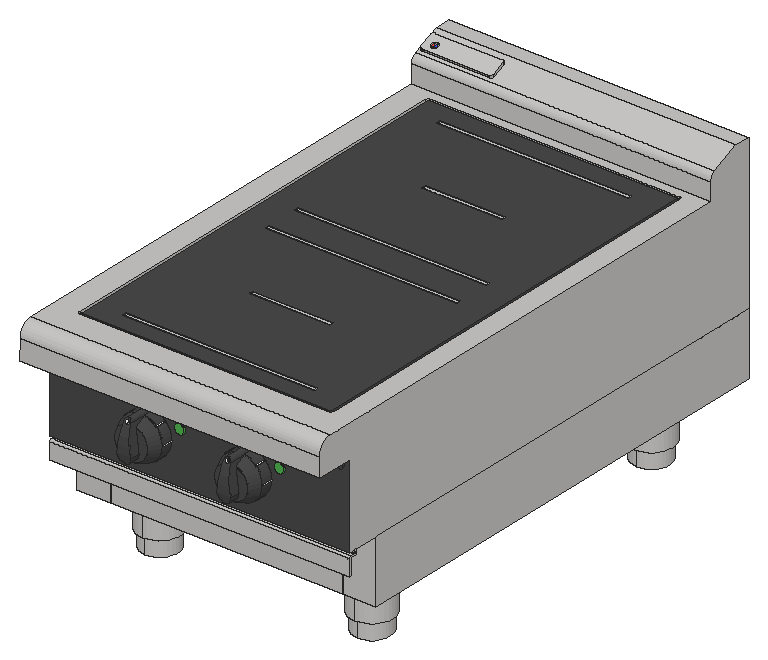
Revit family "QF_Moffat_INLB8200R3-B_Induction_Cooktop_cat", category Specialty Equipment, Revit 2019
Family settings
  Round Connector Dimension = Use Diameter
  Part Type = Normal
  Work Plane-Based = No
  Always vertical = Yes
  Cut with Voids When Loaded = No
  Shared = No
  Room Calculation Point = No
Parameters (values of type "INLB8200R3-B_415/60/3")
  Weight in Kilograms = 88
  Watts = 7000 W
  Volts = 415 V
  URL Cutsheet = ""
  Specification by User = ""
  Specification by Manufacturer = ""
  Show Logo [instance] = yes
  Serial Number = ""
  Seismic Rating = ""
  SMACNA No = ""
  Revision Code = ""
  Phase = 3
  Number of Poles = 1
  NAFEM Spec ID Number = ""
  Model = "INLB8200R3-B"
  Min Ckt Ampacity = 0 A
  Max Overcurrent Protection = 0 A
  Masterspec = ""
  Manufacturer = "Moffat"
  Length = 450 mm
  Item Number = ""
  Installed By = ""
  Identify Quantity as Lot = yes
  Height = 410 mm
  HP = ""
  Furnished By = ""
  Foodservice Equipment Identifier = yes
  FL Amps = 10 A
  Electrical Remarks = ""
  Electric Connection Type = ""
  Elec Conn RI Height = 0 mm
  Elec Conn Connection Height = 0 mm
  Description = "Induction Cooktop"
  Depth = 805 mm
  Cycle = 60 Hz
  Conn Plug = ""
  Conn Conduit = yes
  CSI MasterFormat = ""
  Apparent Power = if(Phase = 3, Volts * FL Amps * 1.73, Volts * FL Amps)  # 7179.5 VA
Types (2, lengths in mm): name | Volts | Cycle | Apparent Power
  INLB8200R3-B_415/60/3 | 415 V | 60 Hz | 7179.5 VA
  INLB8200R3-B_400/50/3 | 400 V | 50 Hz | 6920 VA
Reference planes
  plane 1 "BACK": y = 0
  plane 2: z = 0
  plane 3 "LEFT": x = 0
  plane 4 "RIGHT": x = 450
  plane 5 "FRONT": y = -805
  plane 6 "TOP": z = 410
  plane 7 "Center Y": x = 225
  plane 8 "Center X": y = -402.5
  plane 9: x = 65.5
  plane 10: x = 384.5
  plane 11: y = -30
  plane 12: x = 320
  plane 13: z = 85
  plane 14: y = -100
  plane 15: y = -625
  plane 16: y = -70
  plane 17: z = 355
  plane 18: z = 75
Forms (mm)
  Extrusion 1, solid, material "QF_Metal_Stainless_Polished"
    sketch origin (0, 0, 0) x (0, 1, 0) y (0, 0, 1)
      loop
        line (0, 180) -> (0, 410) -> (-23.147, 410) -> (-62.316, 393.374)
        arc (-62.316, 393.374) -> (-67.905, 388.725) -> (-70, 381.764) r 12.612
        line (-70, 381.764) -> (-70, 355) -> (-784.417, 355)
        arc (-784.417, 355) -> (-798.971, 348.971) -> (-805, 334.417) r 20.583
        line (-805, 334.417) -> (-805, 305) -> (-749, 305) -> (-749, 180) -> (0, 180)
    from 0 to 450
  Extrusion 2, void
    sketch origin (0, -784.417, 355) x (0, 1, 0) y (-1, 0, 0)
      loop
        arc (699.588, -42.349) -> (697.83, -38.106) -> (693.588, -36.349) r 6
        line (693.588, -36.349) -> (45.492, -36.349)
        arc (45.492, -36.349) -> (41.249, -38.106) -> (39.492, -42.349) r 6
        line (39.492, -42.349) -> (39.492, -413.677)
        arc (39.492, -413.677) -> (41.249, -417.92) -> (45.492, -419.677) r 6
        line (45.492, -419.677) -> (693.588, -419.677)
        arc (693.588, -419.677) -> (697.83, -417.92) -> (699.588, -413.677) r 6
        line (699.588, -413.677) -> (699.588, -42.349)
    from 0 to -9.5
  Extrusion 3, solid, material "QF_Plastic_Black_Smooth"
    sketch origin (0, -784.417, 355) x (0, 1, 0) y (-1, 0, 0)
      loop
        line (695.588, -413.677) -> (695.588, -42.349)
        arc (695.588, -42.349) -> (695.002, -40.935) -> (693.588, -40.349) r 2
        line (693.588, -40.349) -> (45.492, -40.349)
        arc (45.492, -40.349) -> (44.078, -40.935) -> (43.492, -42.349) r 2
        line (43.492, -42.349) -> (43.492, -413.677)
        arc (43.492, -413.677) -> (44.078, -415.091) -> (45.492, -415.677) r 2
        line (45.492, -415.677) -> (693.588, -415.677)
        arc (693.588, -415.677) -> (695.002, -415.091) -> (695.588, -413.677) r 2
      loop
        line (666.191, -368.576) -> (666.191, -81.424) -> (660.191, -81.424) -> (660.191, -368.576) -> (666.191, -368.576)
      loop
        line (528.085, -165) -> (528.085, -285) -> (534.085, -285) -> (534.085, -165) -> (528.085, -165)
      loop
        line (76.585, -368.576) -> (76.585, -81.424) -> (70.585, -81.424) -> (70.585, -368.576) -> (76.585, -368.576)
      loop
        line (204.401, -165) -> (204.401, -285) -> (210.401, -285) -> (210.401, -165) -> (204.401, -165)
      loop
        line (399.085, -368.576) -> (399.085, -81.424) -> (393.085, -81.424) -> (393.085, -368.576) -> (399.085, -368.576)
      loop
        line (344.085, -368.576) -> (344.085, -81.424) -> (338.085, -81.424) -> (338.085, -368.576) -> (344.085, -368.576)
    from 0 to -9.5
  Extrusion 4, solid, material "QF_Metal_Stainless_Polished"
    sketch origin (0, 0, 40) x (0, 1, 0) y (0, 0, 1)
      loop
        line (-739.467, 140) -> (-738.192, 134.838)
        arc (-738.192, 134.838) -> (-738.307, 134.302) -> (-738.799, 134.063) r 0.625
        line (-738.799, 134.063) -> (-746.111, 134.063)
        arc (-746.111, 134.063) -> (-748.011, 133.276) -> (-748.797, 131.377) r 2.686
        line (-748.797, 131.377) -> (-748.797, 107.627) -> (-747.197, 107.627) -> (-747.197, 131.242)
        arc (-747.197, 131.242) -> (-746.84, 132.105) -> (-745.976, 132.463) r 1.221
        line (-745.976, 132.463) -> (-738.755, 132.463)
        arc (-738.755, 132.463) -> (-737.028, 133.304) -> (-736.625, 135.182) r 2.194
        line (-736.625, 135.182) -> (-737.815, 140) -> (-739.467, 140)
    from 0 to 450
  Extrusion 5, solid, material "QF_Plastic_Black_Smooth"
    sketch origin (0, -749, 181.875) x (0, 0, 1) y (-1, 0, 0)
      loop
        circle (112.843, -13.157) r 5
      loop
        circle (112.843, -436.843) r 5
    from 0 to 1.6
  Extrusion 6, solid, material "QF_Metal_Stainless_Polished"
    sketch origin (0, -699, 85) x (0, 1, 0) y (1, 0, 0)
      loop
        circle (669, 320) r 6.35
    from 0 to 10
  Extrusion 7, solid, material "QF_Metal_Stainless_Polished"
    sketch origin (0, -699, 85) x (1, 0, 0) y (0, -1, 0)
      loop
        line (0, -699) -> (450, -699) -> (450, 0) -> (399.2, 0) -> (399.2, -25.4) -> (50.8, -25.4) -> (50.8, 0) -> (0, 0) -> (0, -699)
    from 0 to -95
  Extrusion 8, solid, material "QF_Metal_Stainless_Polished"
    sketch origin (50.8, -30, 85) x (0, 1, 0) y (0, 0, 1)
      loop
        line (-669, 0) -> (-643.6, 0) -> (-643.6, 26.45) -> (-669, 26.45) -> (-669, 0)
      loop
        line (-669, 32.45) -> (-643.6, 32.45) -> (-643.6, 66.4) -> (-669, 66.4) -> (-669, 32.45)
      loop
        line (-669, 67.4) -> (-643.6, 67.4) -> (-643.6, 95) -> (-669, 95) -> (-669, 67.4)
    from 0 to 348.4
  Revolve 9, solid, material "QF_Metal_Stainless_Polished"
    sketch origin (65.5, -4572, -304.8) x (0, 0, -1) y (0, -1, 0)
      loop
        line (-304.8, -4499.5) -> (-304.8, -4472) -> (-389.8, -4472) -> (-389.8, -4503.75) -> (-329.8, -4503.75) -> (-329.8, -4499.5) -> (-304.8, -4499.5)
      axis (-389.8, -4472) -> (-304.8, -4472)
    angle from 0 to 360
  Revolve 10, solid, material "QF_Metal_Stainless_Polished"
    sketch origin (65.5, -4572, -304.8) x (0, 0, -1) y (0, -1, 0)
      loop
        line (-304.8, -3974.5) -> (-304.8, -3947) -> (-389.8, -3947) -> (-389.8, -3978.75) -> (-329.8, -3978.75) -> (-329.8, -3974.5) -> (-304.8, -3974.5)
      axis (-389.8, -3947) -> (-304.8, -3947)
    angle from 0 to 360
  Revolve 11, solid, material "QF_Metal_Stainless_Polished"
    sketch origin (384.5, -4572, -304.8) x (0, 0, -1) y (0, 1, 0)
      loop
        line (-304.8, 4499.5) -> (-329.8, 4499.5) -> (-329.8, 4503.75) -> (-389.8, 4503.75) -> (-389.8, 4472) -> (-304.8, 4472) -> (-304.8, 4499.5)
      axis (-389.8, 4472) -> (-304.8, 4472)
    angle from 0 to 360
  Revolve 12, solid, material "QF_Metal_Stainless_Polished"
    sketch origin (384.5, -4572, -304.8) x (0, 0, -1) y (0, 1, 0)
      loop
        line (-304.8, 3974.5) -> (-329.8, 3974.5) -> (-329.8, 3978.75) -> (-389.8, 3978.75) -> (-389.8, 3947) -> (-304.8, 3947) -> (-304.8, 3974.5)
      axis (-389.8, 3947) -> (-304.8, 3947)
    angle from 0 to 360
  Extrusion 13, solid, material "QF_Metal_Stainless_Polished"
    sketch origin (0, 0, 0) x (1, 0, 0) y (0, 1, 0)
      loop
        line (368.576, -124.226) -> (368.576, -118.226) -> (81.424, -118.226) -> (81.424, -124.226) -> (368.576, -124.226)
      loop
        line (285, -256.332) -> (285, -250.332) -> (165, -250.332) -> (165, -256.332) -> (285, -256.332)
      loop
        line (165, -574.016) -> (165, -580.016) -> (285, -580.016) -> (285, -574.016) -> (165, -574.016)
      loop
        line (81.424, -707.833) -> (81.424, -713.833) -> (368.576, -713.833) -> (368.576, -707.833) -> (81.424, -707.833)
      loop
        line (368.576, -391.333) -> (368.576, -385.333) -> (81.424, -385.333) -> (81.424, -391.333) -> (368.576, -391.333)
      loop
        line (368.576, -446.333) -> (368.576, -440.333) -> (81.424, -440.333) -> (81.424, -446.333) -> (368.576, -446.333)
    from 355 to 345.5
  Extrusion 14, solid, material "QF_Paint_Green"
    sketch origin (63.231, -748.999, 157.5) x (0, 0, 1) y (-1, 0, 0)
      loop
        circle (100.3, -282.5) r 7.15
    from 0 to 1.6
  Extrusion 15, solid, material "QF_Plastic_Black_Smooth"
    sketch origin (75, -748.999, 169.375) x (0, 0, 1) y (-1, 0, 0)
      loop
        circle (112.843, -225) r 5
    from 0 to 1.6
  Extrusion 16, solid, material "QF_Paint_Green"
    sketch origin (-86.769, -748.999, 157.5) x (0, 0, 1) y (-1, 0, 0)
      loop
        circle (100.3, -282.5) r 7.15
    from 0 to 1.6
  Extrusion 17, solid, material "QF_Plastic_Black_Smooth"
    sketch origin (-75, -748.999, 169.375) x (0, 0, 1) y (-1, 0, 0)
      loop
        circle (112.843, -225) r 5
    from 0 to 1.6
Cuts and joins
  Extrusion 2 cuts Extrusion 1
Lines and regions (mm)
  symbolic lines
    curve 1: line (0, 0, 0) -> (450, 0, 0)
    curve 2: line (0, -805, 0) -> (0, 0, 0)
    curve 3: line (450, -805, 0) -> (0, -805, 0)
    curve 4: line (450, 0, 0) -> (450, -805, 0)
    curve 5: line (0, -70, 0) -> (450, -70, 0)
    curve 6: line (0, -23.147, 0) -> (450, -23.147, 0)
    curve 7: line (42.349, -84.83, 0) -> (413.677, -84.83, 0)
    curve 8: arc (413.677, -84.83, 0) -> (417.92, -86.587, 0) -> (419.677, -90.83, 0) r 6
    curve 9: line (419.677, -90.83, 0) -> (419.677, -738.926, 0)
    curve 10: arc (419.677, -738.926, 0) -> (417.92, -743.168, 0) -> (413.677, -744.926, 0) r 6
    curve 11: line (413.677, -744.926, 0) -> (42.349, -744.926, 0)
    curve 12: arc (42.349, -744.926, 0) -> (38.106, -743.168, 0) -> (36.349, -738.926, 0) r 6
    curve 13: line (36.349, -738.926, 0) -> (36.349, -90.83, 0)
    curve 14: arc (36.349, -90.83, 0) -> (38.106, -86.587, 0) -> (42.349, -84.83, 0) r 6
    curve 15: line (413.677, -88.83, 0) -> (42.349, -88.83, 0)
    curve 16: arc (42.349, -88.83, 0) -> (40.935, -89.415, 0) -> (40.349, -90.83, 0) r 2
    curve 17: line (40.349, -90.83, 0) -> (40.349, -738.926, 0)
    curve 18: arc (40.349, -738.926, 0) -> (40.935, -740.34, 0) -> (42.349, -740.926, 0) r 2
    curve 19: line (42.349, -740.926, 0) -> (413.677, -740.926, 0)
    curve 20: arc (413.677, -740.926, 0) -> (415.091, -740.34, 0) -> (415.677, -738.926, 0) r 2
    curve 21: line (415.677, -738.926, 0) -> (415.677, -90.83, 0)
    curve 22: arc (415.677, -90.83, 0) -> (415.091, -89.415, 0) -> (413.677, -88.83, 0) r 2
    curve 23: line (81.424, -713.833, 0) -> (368.576, -713.833, 0)
    curve 24: line (368.576, -713.833, 0) -> (368.576, -707.833, 0)
    curve 25: line (368.576, -707.833, 0) -> (81.424, -707.833, 0)
    curve 26: line (81.424, -707.833, 0) -> (81.424, -713.833, 0)
    curve 27: line (165, -574.016, 0) -> (285, -574.016, 0)
    curve 28: line (165, -580.016, 0) -> (165, -574.016, 0)
    curve 29: line (285, -574.016, 0) -> (285, -580.016, 0)
    curve 30: line (81.424, -124.226, 0) -> (368.576, -124.226, 0)
    curve 31: line (368.576, -124.226, 0) -> (368.576, -118.226, 0)
    curve 32: line (368.576, -118.226, 0) -> (81.424, -118.226, 0)
    curve 33: line (81.424, -118.226, 0) -> (81.424, -124.226, 0)
    curve 34: line (165, -256.332, 0) -> (285, -256.332, 0)
    curve 35: line (285, -256.332, 0) -> (285, -250.332, 0)
    curve 36: line (285, -250.332, 0) -> (165, -250.332, 0)
    curve 37: line (165, -250.332, 0) -> (165, -256.332, 0)
    curve 38: line (368.576, -385.333, 0) -> (81.424, -385.333, 0)
    curve 39: line (81.424, -385.333, 0) -> (81.424, -391.333, 0)
    curve 40: line (81.424, -391.333, 0) -> (368.576, -391.333, 0)
    curve 41: line (368.576, -391.333, 0) -> (368.576, -385.333, 0)
    curve 42: line (81.424, -446.333, 0) -> (368.576, -446.333, 0)
    curve 43: line (368.576, -446.333, 0) -> (368.576, -440.333, 0)
    curve 44: line (368.576, -440.333, 0) -> (81.424, -440.333, 0)
    curve 45: line (81.424, -440.333, 0) -> (81.424, -446.333, 0)
    curve 46: line (285, -574.016, 0) -> (165, -574.016, 0)
    curve 47: line (165, -574.016, 0) -> (165, -580.016, 0)
    curve 48: line (165, -580.016, 0) -> (285, -580.016, 0)
    curve 49: line (285, -580.016, 0) -> (285, -574.016, 0)
Dimensions and locks
  equal spacing: plane 3 "LEFT", plane 7 "Center Y", plane 4 "RIGHT"
  "Length": plane 3 "LEFT" to plane 4 "RIGHT"
  equal spacing: plane 5 "FRONT", plane 8 "Center X", plane 1 "BACK"
  "Depth": plane 5 "FRONT" to plane 1 "BACK"
  "Height": plane 6 "TOP" to level
  plane 9 to plane 10 = 319 mm
  plane 4 "RIGHT" to plane 3 "LEFT" = 450 mm
  plane 1 "BACK" to plane 5 "FRONT" = 805 mm
  plane 6 "TOP" to plane 2 = 410 mm
  locked: plane 12 to plane 4 "RIGHT" at 130
  plane 1 "BACK" to plane 11 = 30 mm
  plane 1 "BACK" to plane 14 to plane 15 = 100 mm, 525 mm
  plane 1 "BACK" to plane 16 = 70 mm
  plane 17 to level = 355 mm
  level to plane 13 = 85 mm
  plane 18 to level = 75 mm
  plane 12 to plane 4 "RIGHT" = 130 mm
  aligned and locked: level to plane 2
  aligned and locked: Extrusion 3 to Extrusion 13
Automatic sketch dimensions
  Extrusion 2 sketch curve to Extrusion 1 = 39.492 mm
  Extrusion 2 sketch curve to Extrusion 2 sketch curve = 6 mm  (x3)
  Extrusion 1 to Extrusion 2 sketch curve = 20.83 mm  (x2)
  Extrusion 1 to Extrusion 2 sketch curve = 30.323 mm
  Extrusion 1 to Extrusion 2 sketch curve = 42.349 mm
  Extrusion 4 sketch curve to plane 5 "FRONT" = 56.203 mm
  Extrusion 4 sketch curve to Extrusion 4 sketch curve = 1.6 mm
  Extrusion 4 sketch curve to Extrusion 4 sketch curve = 1.086 mm
  Extrusion 4 sketch curve to Extrusion 4 sketch curve = 0.135 mm  (x2)
  Extrusion 4 sketch curve to Extrusion 4 sketch curve = 6.644 mm
  Extrusion 4 sketch curve to Extrusion 4 sketch curve = 0.668 mm
  Extrusion 4 sketch curve to Extrusion 4 sketch curve = 0.044 mm
  Extrusion 4 sketch curve to Extrusion 4 sketch curve = 0.563 mm
  Extrusion 4 sketch curve to Extrusion 4 sketch curve = 1.652 mm
  Extrusion 4 sketch curve to Extrusion 4 sketch curve = 1.567 mm
  Extrusion 4 sketch curve to plane 13 = 62.627 mm
  Extrusion 4 sketch curve to Extrusion 4 sketch curve = 23.614 mm
  Extrusion 4 sketch curve to Extrusion 4 sketch curve = 0.594 mm
  Extrusion 4 sketch curve to Extrusion 4 sketch curve = 0.032 mm
  Extrusion 4 sketch curve to Extrusion 4 sketch curve = 5.162 mm
  Extrusion 1 to Extrusion 5 sketch curve = 10.282 mm  (x2)
  Extrusion 1 to Extrusion 5 sketch curve = 13.157 mm  (x2)
  Extrusion 7 to Extrusion 6 sketch curve = 30 mm
  Extrusion 6 sketch curve to Extrusion 7 = 79.2 mm
  plane 1 "BACK" to Extrusion 7 sketch curve = 0 mm
  Extrusion 7 sketch curve to plane 3 "LEFT" = 0 mm
  Extrusion 7 sketch curve to plane 4 "RIGHT" = 0 mm
  plane 9 to Extrusion 7 sketch curve = 14.7 mm
  Extrusion 7 sketch curve to plane 10 = 14.7 mm
  plane 15 to Extrusion 7 sketch curve = 48.6 mm
  Extrusion 7 sketch curve to Extrusion 7 sketch curve = 25.4 mm  (x2)
  Extrusion 8 sketch curve to Extrusion 7 = 0 mm  (x8)
  Extrusion 7 to Extrusion 8 sketch curve = 26.45 mm
  Extrusion 8 sketch curve to Extrusion 8 sketch curve = 6 mm
  Extrusion 7 to Extrusion 8 sketch curve = 28.6 mm
  Extrusion 8 sketch curve to Extrusion 8 sketch curve = 1 mm
  plane 13 to Revolve 9 sketch curve = 0 mm
  Revolve 9 sketch curve to level = 0 mm  (x2)
  Revolve 9 sketch curve to plane 14 = 0 mm  (x2)
  plane 16 to Revolve 9 sketch curve = 2.5 mm
  level to Revolve 9 sketch curve = 25 mm
  Revolve 9 sketch curve to plane 16 = 1.75 mm
  Revolve 9 sketch curve to Revolve 9 sketch curve = 25 mm
  plane 13 to Revolve 10 sketch curve = 0 mm
  Revolve 10 sketch curve to level = 0 mm  (x2)
  Revolve 10 sketch curve to plane 15 = 0 mm  (x2)
  level to Revolve 10 sketch curve = 25 mm
  Revolve 10 sketch curve to Revolve 10 sketch curve = 27.5 mm
  Revolve 10 sketch curve to Revolve 10 sketch curve = 31.75 mm
  Revolve 10 sketch curve to Revolve 10 sketch curve = 25 mm
  plane 13 to Revolve 11 sketch curve = 0 mm
  Revolve 11 sketch curve to level = 0 mm  (x2)
  Revolve 11 sketch curve to plane 14 = 0 mm  (x2)
  plane 16 to Revolve 11 sketch curve = 2.5 mm
  level to Revolve 11 sketch curve = 25 mm
  Revolve 11 sketch curve to plane 16 = 1.75 mm
  Revolve 11 sketch curve to Revolve 11 sketch curve = 25 mm
  plane 13 to Revolve 12 sketch curve = 0 mm
  Revolve 12 sketch curve to level = 0 mm  (x2)
  Revolve 12 sketch curve to plane 15 = 0 mm  (x2)
  level to Revolve 12 sketch curve = 25 mm
  Revolve 12 sketch curve to plane 15 = 27.5 mm
  Revolve 12 sketch curve to Revolve 12 sketch curve = 4.25 mm
  Revolve 12 sketch curve to Revolve 12 sketch curve = 25 mm
  Extrusion 14 sketch curve to plane 12 = 25.731 mm
  Extrusion 14 sketch curve to plane 17 = 97.2 mm
  plane 12 to Extrusion 15 sketch curve = 20 mm
  Extrusion 15 sketch curve to plane 17 = 72.782 mm
  Extrusion 16 sketch curve to plane 7 "Center Y" = 29.269 mm
  Extrusion 16 sketch curve to plane 17 = 97.2 mm
  Extrusion 17 sketch curve to plane 17 = 72.782 mm
  Extrusion 17 sketch curve to plane 7 "Center Y" = 75 mm
  Extrusion 1 sketch curve to plane 5 "FRONT" = 0 mm
  Extrusion 1 sketch curve to plane 17 = 0 mm
  Extrusion 1 sketch curve to plane 16 = 0 mm
  Extrusion 1 sketch curve to plane 6 "TOP" = 0 mm
  Extrusion 1 sketch curve to plane 1 "BACK" = 0 mm
  Extrusion 1 sketch curve to Extrusion 1 sketch curve = 20.583 mm
  Extrusion 1 sketch curve to Extrusion 1 sketch curve = 35.417 mm
  Extrusion 1 sketch curve to plane 16 = 7.684 mm
  Extrusion 1 sketch curve to Extrusion 1 sketch curve = 12.612 mm
  Extrusion 1 sketch curve to plane 11 = 6.853 mm
  Extrusion 1 sketch curve to Extrusion 1 sketch curve = 29.417 mm
  Extrusion 1 sketch curve to plane 13 = 95 mm
  plane 17 to Extrusion 1 sketch curve = 26.764 mm
  plane 1 "BACK" to curve 1 = 0 mm
  curve 1 to plane 3 "LEFT" = 0 mm
  curve 1 to plane 4 "RIGHT" = 0 mm
  plane 5 "FRONT" to curve 4 = 0 mm
  plane 16 to curve 5 = 0 mm
  curve 6 to plane 11 = 6.853 mm
  curve 8 to curve 22 = 0 mm  (x2)
  curve 10 to curve 20 = 0 mm  (x2)
  curve 12 to curve 18 = 0 mm  (x2)
  curve 14 to curve 16 = 0 mm  (x2)
  plane 9 to curve 13 = 29.151 mm
  curve 14 to curve 17 = 4 mm
  curve 18 to curve 18 = 2 mm
  curve 16 to curve 7 = 2 mm
  curve 33 to plane 9 = 15.924 mm
  curve 25 to plane 9 = 15.924 mm
  curve 38 to plane 9 = 15.924 mm
  curve 42 to plane 9 = 15.924 mm
  curve 37 to plane 7 "Center Y" = 60 mm
  curve 28 to plane 7 "Center Y" = 60 mm
  plane 12 to curve 49 = 35 mm
  plane 12 to curve 35 = 35 mm
  plane 10 to curve 25 = 15.924 mm
  plane 10 to curve 30 = 15.924 mm
  plane 10 to curve 44 = 15.924 mm
  plane 10 to curve 41 = 15.924 mm
  curve 15 to plane 14 = 11.17 mm
  curve 15 to plane 10 = 29.177 mm
  curve 11 to plane 10 = 29.177 mm
  curve 8 to curve 21 = 2 mm
  curve 11 to plane 5 "FRONT" = 60.074 mm
  curve 20 to curve 23 = 25.093 mm
  curve 23 to curve 24 = 6 mm
  curve 47 to plane 15 = 44.984 mm
  curve 29 to curve 27 = 6 mm
  curve 42 to plane 8 "Center X" = 43.833 mm
  curve 42 to curve 44 = 6 mm
  plane 8 "Center X" to curve 39 = 11.167 mm
  curve 40 to curve 38 = 6 mm
  plane 8 "Center X" to curve 35 = 146.168 mm
  curve 34 to curve 35 = 6 mm
  plane 14 to curve 30 = 24.226 mm
  curve 30 to curve 33 = 6 mm
  Extrusion 13 sketch curve to plane 9 = 15.924 mm  (x4)
  Extrusion 13 sketch curve to plane 7 "Center Y" = 60 mm  (x2)
  plane 12 to Extrusion 13 sketch curve = 35 mm  (x2)
  plane 10 to Extrusion 13 sketch curve = 15.924 mm  (x4)
  plane 15 to Extrusion 13 sketch curve = 88.833 mm
  Extrusion 13 sketch curve to Extrusion 13 sketch curve = 6 mm  (x6)
  Extrusion 13 sketch curve to plane 15 = 44.984 mm
  Extrusion 13 sketch curve to plane 8 "Center X" = 43.833 mm
  plane 8 "Center X" to Extrusion 13 sketch curve = 11.167 mm
  plane 8 "Center X" to Extrusion 13 sketch curve = 146.168 mm
  plane 14 to Extrusion 13 sketch curve = 24.226 mm
  Extrusion 3 sketch curve to Extrusion 1 = 43.492 mm
  Extrusion 3 sketch curve to Extrusion 3 sketch curve = 2 mm  (x3)
  Extrusion 3 sketch curve to Extrusion 3 sketch curve = 25.093 mm
  Extrusion 3 sketch curve to Extrusion 3 sketch curve = 6 mm  (x6)
  Extrusion 3 sketch curve to Extrusion 3 sketch curve = 127.816 mm
  Extrusion 3 sketch curve to Extrusion 3 sketch curve = 127.684 mm
  Extrusion 3 sketch curve to Extrusion 3 sketch curve = 49 mm
  Extrusion 3 sketch curve to Extrusion 3 sketch curve = 129 mm
  Extrusion 1 to Extrusion 3 sketch curve = 54.226 mm
  Extrusion 1 to Extrusion 3 sketch curve = 20.83 mm  (x2)
  Extrusion 1 to Extrusion 3 sketch curve = 34.323 mm
  Extrusion 3 sketch curve to Extrusion 3 sketch curve = 45.101 mm  (x2)
  Extrusion 1 to Extrusion 3 sketch curve = 81.424 mm  (x4)
  Extrusion 3 sketch curve to Extrusion 3 sketch curve = 0 mm  (x2)
  Extrusion 3 sketch curve to Extrusion 3 sketch curve = 83.576 mm  (x2)
  Extrusion 3 sketch curve to Extrusion 3 sketch curve = 120 mm  (x2)
  Extrusion 1 to Extrusion 3 sketch curve = 42.349 mm
  radius of Extrusion 5 sketch curve = 5 mm  (x2)
  radius of Extrusion 6 sketch curve = 6.35 mm
  radius of Extrusion 14 sketch curve = 7.15 mm
  radius of Extrusion 15 sketch curve = 5 mm
  radius of Extrusion 16 sketch curve = 7.15 mm
  radius of Extrusion 17 sketch curve = 5 mm
Nested families
  nested 1: "Knob" at (267.5, -739.499, 204.5), type "Knob"
  nested 2: "Knob" at (117.5, -739.499, 204.5), type "Knob"
  nested 3: "QF_LOGO_Waldorf1" at (2, -56.925, 395.662), visible <- "Show Logo", type "QF_LOGO_Waldorf 2"
Connectors
  electrical at (320, -30, 75), driven by "Volts", driven by "Watts"
    settings: on Extrusion 6, index 3, voltage 415 V, apparent load 7000 VA, apparent load phase1 0 VA, apparent load phase2 0 VA, apparent load phase3 0 VA, power factor 1, load classification "Other", number of poles 1, system type 30, power factor state 1, is connector primary yes, connector utility no, sub classification motor no, connector description ""
Definition of nested family "Knob"
  Parameters (values of type "Knob")
    Weight in Pounds = 0
    URL Cutsheet = ""
    Specification by User = ""
    Specification by Manufacturer = ""
    Serial Number = ""
    Seismic Rating = ""
    SMACNA No = ""
    Revision Code = ""
    NAFEM Spec ID Number = ""
    Masterspec = ""
    Length = 65 mm
    Item Number = ""
    Installed By = ""
    Identify Quantity as Lot = yes
    Height = 69.5 mm
    Furnished By = ""
    Foodservice Equipment Identifier = yes
    Depth = 59 mm
    CSI MasterFormat = ""
  Reference planes
    plane 1 "BACK": y = 0
    plane 2: z = 0
    plane 3 "LEFT": x = 0
    plane 4 "RIGHT": x = 65
    plane 5 "FRONT": y = -59
    plane 6 "TOP": z = 69.5
    plane 7 "Center Y": x = 32.5
    plane 8 "Center X": y = -29.5
  Forms (mm)
    Revolve 1, solid
      sketch origin (32.5, 175.397, 1219.2) x (0, 1, 0) y (0, 0, 1)
        loop
          line (-175.397, -1186.7) -> (-219.397, -1186.7) -> (-219.397, -1211.501) -> (-202.106, -1219.2) -> (-185.397, -1219.2) -> (-185.397, -1191.7) -> (-175.397, -1191.7) -> (-175.397, -1186.7)
        axis (-219.397, -1186.7) -> (-175.397, -1186.7)
      angle from 0 to 360
    Extrusion 2, solid
      sketch origin (32.5, 175.397, 1219.2) x (0, 1, 0) y (0, 0, 1)
        loop
          line (-202.106, -1154.2) -> (-185.397, -1154.2) -> (-185.397, -1149.7) -> (-224.105, -1149.7)
          arc (-224.105, -1149.7) -> (-233.965, -1178.467) -> (-230.696, -1208.7) r 70
          line (-230.696, -1208.7) -> (-219.397, -1208.7) -> (-219.397, -1161.899) -> (-202.106, -1154.2)
      from -15 to 15
    Extrusion 3, void
      sketch origin (0, 0, 0) x (1, 0, 0) y (0, 0, 1)
        loop
          line (27.501, 64.613) -> (22.02, 20.585)
          arc (22.02, 20.585) -> (32.792, 10.488) -> (42.986, 21.169) r 10.487
          line (42.986, 21.169) -> (37.499, 64.613)
          arc (37.499, 64.613) -> (32.5, 69.5) -> (27.501, 64.613) r 5
        loop
          line (10, 72.977) -> (10, 5.625) -> (55, 5.625) -> (55, 72.977) -> (10, 72.977)
      from 6.142 to 69.687
    Extrusion 4, solid
      sketch origin (0, -34.115, -16.916) x (1, 0, 0) y (0, 0.45399, 0.891007)
        loop
          circle (32.497, 65) r 2
      from 51.525 to 53.075
    Extrusion 5, solid
      sketch origin (32.5, -10, 32.5) x (0, 0, -1) y (-1, 0, 0)
        loop
          line (-23.54, -22.408) -> (-24.106, -22.974)
          arc (-24.106, -22.974) -> (-23.547, -23.547) -> (-22.974, -24.106) r 33.3
          line (-22.974, -24.106) -> (-22.408, -23.54)
          arc (-22.408, -23.54) -> (-22.981, -22.981) -> (-23.54, -22.408) r 32.5
        loop
          arc (-0.8, -33.29) -> (0, -33.3) -> (0.8, -33.29) r 33.3
          line (0.8, -33.29) -> (0.8, -32.49)
          arc (0.8, -32.49) -> (0, -32.5) -> (-0.8, -32.49) r 32.5
          line (-0.8, -32.49) -> (-0.8, -33.29)
        loop
          arc (23.54, -22.408) -> (22.981, -22.981) -> (22.408, -23.54) r 32.5
          line (22.408, -23.54) -> (22.974, -24.106)
          arc (22.974, -24.106) -> (23.547, -23.547) -> (24.106, -22.974) r 33.3
          line (24.106, -22.974) -> (23.54, -22.408)
        loop
          arc (-23.54, 22.408) -> (-22.981, 22.981) -> (-22.408, 23.54) r 32.5
          line (-22.408, 23.54) -> (-22.974, 24.106)
          arc (-22.974, 24.106) -> (-23.547, 23.547) -> (-24.106, 22.974) r 33.3
          line (-24.106, 22.974) -> (-23.54, 22.408)
        loop
          line (-0.8, 33.29) -> (-0.8, 32.49)
          arc (-0.8, 32.49) -> (0, 32.5) -> (0.8, 32.49) r 32.5
          line (0.8, 32.49) -> (0.8, 33.29)
          arc (0.8, 33.29) -> (0, 33.3) -> (-0.8, 33.29) r 33.3
        loop
          line (32.49, -0.8) -> (33.29, -0.8)
          arc (33.29, -0.8) -> (33.3, 0) -> (33.29, 0.8) r 33.3
          line (33.29, 0.8) -> (32.49, 0.8)
          arc (32.49, 0.8) -> (32.5, 0) -> (32.49, -0.8) r 32.5
        loop
          arc (24.106, 22.974) -> (23.547, 23.547) -> (22.974, 24.106) r 33.3
          line (22.974, 24.106) -> (22.408, 23.54)
          arc (22.408, 23.54) -> (22.981, 22.981) -> (23.54, 22.408) r 32.5
          line (23.54, 22.408) -> (24.106, 22.974)
      from 0 to -16.709
  Cuts and joins
    Extrusion 3 cuts Extrusion 2
  Dimensions and locks
    equal spacing: plane 3 "LEFT", plane 7 "Center Y", plane 4 "RIGHT"
    "Length": plane 3 "LEFT" to plane 4 "RIGHT"
    equal spacing: plane 5 "FRONT", plane 8 "Center X", plane 1 "BACK"
    "Depth": plane 5 "FRONT" to plane 1 "BACK"
    "Height": plane 6 "TOP" to level
    plane 4 "RIGHT" to plane 3 "LEFT" = 65 mm
    aligned and locked: level to plane 2
  Automatic sketch dimensions
    Revolve 1 sketch curve to level = 0 mm
    Revolve 1 sketch curve to plane 1 "BACK" = 0 mm  (x2)
    plane 1 "BACK" to Revolve 1 sketch curve = 10 mm
    plane 8 "Center X" to Revolve 1 sketch curve = 2.791 mm
    Revolve 1 sketch curve to plane 8 "Center X" = 14.5 mm
    level to Revolve 1 sketch curve = 7.699 mm
    level to Revolve 1 sketch curve = 27.5 mm
    Revolve 1 sketch curve to Revolve 1 sketch curve = 5 mm
    Revolve 1 sketch curve to Revolve 1 sketch curve = 35 mm
    Revolve 1 sketch curve to Revolve 1 sketch curve = 0 mm
    Extrusion 2 sketch curve to plane 6 "TOP" = 0 mm
    Extrusion 2 sketch curve to plane 5 "FRONT" = 3.702 mm
    Extrusion 2 sketch curve to plane 5 "FRONT" = 10.293 mm
    Extrusion 2 sketch curve to Extrusion 2 sketch curve = 11.298 mm
    plane 8 "Center X" to Extrusion 2 sketch curve = 2.791 mm
    plane 1 "BACK" to Extrusion 2 sketch curve = 10 mm
    Extrusion 2 sketch curve to plane 1 "BACK" = 11 mm
    Extrusion 2 sketch curve to plane 6 "TOP" = 4.5 mm
    Extrusion 2 sketch curve to plane 6 "TOP" = 12.199 mm
    level to Extrusion 2 sketch curve = 32.962 mm
    level to Extrusion 3 sketch curve = 5.625 mm
    Extrusion 3 sketch curve to plane 7 "Center Y" = 0 mm  (x2)
    Extrusion 3 sketch curve to plane 7 "Center Y" = 4.999 mm
    Extrusion 3 sketch curve to plane 7 "Center Y" = 10.48 mm
    plane 6 "TOP" to Extrusion 3 sketch curve = 3.477 mm
    plane 3 "LEFT" to Extrusion 3 sketch curve = 10 mm
    Extrusion 3 sketch curve to plane 6 "TOP" = 4.887 mm
    Extrusion 3 sketch curve to Extrusion 3 sketch curve = 4.999 mm
    plane 7 "Center Y" to Extrusion 3 sketch curve = 10.486 mm
    level to Extrusion 3 sketch curve = 20.585 mm
    Extrusion 3 sketch curve to Extrusion 3 sketch curve = 0.387 mm
    Extrusion 3 sketch curve to Extrusion 3 sketch curve = 0.113 mm
    plane 4 "RIGHT" to Extrusion 3 sketch curve = 10 mm
    Extrusion 5 sketch curve to Revolve 1 = 32.49 mm
    Revolve 1 to Extrusion 5 sketch curve = 32.49 mm
    Extrusion 5 sketch curve to Revolve 1 = 23.54 mm  (x2)
    Revolve 1 to Extrusion 5 sketch curve = 23.54 mm  (x2)
    Extrusion 5 sketch curve to Revolve 1 = 24.106 mm  (x2)
    Revolve 1 to Extrusion 5 sketch curve = 24.106 mm  (x2)
    Revolve 1 to Extrusion 5 sketch curve = 22.408 mm  (x2)
    Extrusion 5 sketch curve to Revolve 1 = 22.408 mm  (x2)
    Revolve 1 to Extrusion 5 sketch curve = 22.974 mm  (x2)
    Extrusion 5 sketch curve to Revolve 1 = 22.974 mm  (x2)
    Extrusion 5 sketch curve to Extrusion 5 sketch curve = 1.6 mm  (x2)
    Revolve 1 to Extrusion 5 sketch curve = 0.8 mm
    Extrusion 5 sketch curve to Revolve 1 = 0.8 mm
    Extrusion 4 sketch curve to plane 7 "Center Y" = 0.003 mm
    radius of Extrusion 5 sketch curve to Revolve 1 = 0 mm  (x7)
    radius of Revolve 1 to Extrusion 5 sketch curve = 0.8 mm  (x7)
    radius of Extrusion 4 sketch curve = 2 mm
Definition of nested family "QF_LOGO_Waldorf1"
  Parameters (values of type "QF_LOGO_Waldorf")
    Weight in Pounds = 0
    URL Cutsheet = ""
    Specification by User = ""
    Specification by Manufacturer = ""
    Serial Number = ""
    Seismic Rating = ""
    SMACNA No = ""
    Revision Code = ""
    NAFEM Spec ID Number = ""
    Masterspec = ""
    Length = 138 mm
    Item Number = ""
    Installed By = ""
    Identify Quantity as Lot = yes
    Height = 26.711 mm
    Furnished By = ""
    Foodservice Equipment Identifier = yes
    Depth = 3.175 mm
    CSI MasterFormat = ""
  Reference planes
    plane 1 "BACK": y = 0
    plane 2: z = 0
    plane 3 "LEFT": x = 0
    plane 4 "RIGHT": x = 138
    plane 5 "FRONT": y = -3.175
    plane 6 "TOP": z = 26.711
    plane 7 "Center Y": x = 69
    plane 8 "Center X": y = -1.587
  Forms (mm)
    Extrusion 1, solid
      sketch origin (0, 0, 0) x (1, 0, 0) y (0, 0.920505, 0.390731)
        loop
          line (109, 3.464) -> (109, 23.247)
          spline (109, 23.247) -> (108.966, 23.699) -> (108.864, 24.143) -> (108.696, 24.572) -> (108.464, 24.979) -> (108.173, 25.355) -> (107.828, 25.696) -> (107.435, 25.995) -> (107, 26.247) -> (106.531, 26.447) -> (106.035, 26.593) -> (105.522, 26.681) -> (105, 26.711)
          line (105, 26.711) -> (4, 26.711)
          spline (4, 26.711) -> (3.478, 26.681) -> (2.965, 26.593) -> (2.469, 26.447) -> (2, 26.247) -> (1.565, 25.995) -> (1.172, 25.696) -> (0.827, 25.355) -> (0.536, 24.979) -> (0.304, 24.572) -> (0.136, 24.143) -> (0.034, 23.699) -> (0, 23.247)
          line (0, 23.247) -> (0, 3.464)
          spline (0, 3.464) -> (0.034, 3.012) -> (0.136, 2.568) -> (0.304, 2.138) -> (0.536, 1.732) -> (0.827, 1.355) -> (1.172, 1.015) -> (1.565, 0.716) -> (2, 0.464) -> (2.469, 0.264) -> (2.965, 0.118) -> (3.478, 0.03) -> (4, 0)
          line (4, 0) -> (105, 0)
          spline (105, 0) -> (105.522, 0.03) -> (106.035, 0.118) -> (106.531, 0.264) -> (107, 0.464) -> (107.435, 0.716) -> (107.828, 1.015) -> (108.173, 1.355) -> (108.464, 1.732) -> (108.696, 2.138) -> (108.864, 2.568) -> (108.966, 3.012) -> (109, 3.464)
        loop
          line (14.75, 7.005) -> (14.75, 15.654)
          arc (14.75, 15.654) -> (10.425, 11.329) -> (14.75, 7.005) r 4.325
        loop
          line (15.25, 15.654) -> (15.25, 7.005)
          arc (15.25, 7.005) -> (19.575, 11.329) -> (15.25, 15.654) r 4.325
      from 0 to 3.2
    Extrusion 2, solid
      sketch origin (0, 0, 0) x (1, 0, 0) y (0, 0.920505, 0.390731)
        loop
          line (15.25, 15.654) -> (15.25, 7.005)
          arc (15.25, 7.005) -> (19.575, 11.329) -> (15.25, 15.654) r 4.325
      from 0 to 3.2
    Extrusion 3, solid
      sketch origin (16.271, 0, 0) x (-1, 0, 0) y (0, -0.920505, -0.390731)
        loop
          arc (1.521, -15.654) -> (5.846, -11.329) -> (1.521, -7.005) r 4.325
          line (1.521, -7.005) -> (1.521, -15.654)
      from 0 to 3.2
  Lines and regions (mm)
    Split face 1
      outline origin (0, -1.25, 2.946) x (1, 0, 0) y (0, 0.920505, 0.390731)
        loop
          spline (22.129, 16.975) -> (22.389, 15.984) -> (22.649, 15.002) -> (22.91, 14.028) -> (23.172, 13.065) -> (23.433, 12.11) -> (23.695, 11.166) -> (23.956, 10.232) -> (24.218, 9.308) -> (24.479, 8.396) -> (24.74, 7.495) -> (25, 6.605) -> (25.26, 5.728)
          line (25.26, 5.728) -> (29.463, 5.728)
          spline (29.463, 5.728) -> (29.582, 6.252) -> (29.701, 6.78) -> (29.82, 7.313) -> (29.939, 7.85) -> (30.058, 8.391) -> (30.178, 8.936) -> (30.297, 9.485) -> (30.416, 10.038) -> (30.536, 10.594) -> (30.655, 11.155) -> (30.775, 11.719) -> (30.894, 12.287)
          spline (30.894, 12.287) -> (31.018, 11.719) -> (31.142, 11.155) -> (31.266, 10.594) -> (31.39, 10.038) -> (31.514, 9.485) -> (31.638, 8.936) -> (31.762, 8.391) -> (31.885, 7.85) -> (32.009, 7.313) -> (32.133, 6.78) -> (32.256, 6.252) -> (32.379, 5.728)
          line (32.379, 5.728) -> (36.51, 5.728)
          spline (36.51, 5.728) -> (36.766, 6.605) -> (37.023, 7.495) -> (37.28, 8.396) -> (37.538, 9.308) -> (37.795, 10.232) -> (38.053, 11.166) -> (38.311, 12.11) -> (38.569, 13.065) -> (38.826, 14.028) -> (39.083, 15.002) -> (39.34, 15.984) -> (39.597, 16.975)
          line (39.597, 16.975) -> (35.637, 16.975)
          spline (35.637, 16.975) -> (35.523, 16.334) -> (35.41, 15.697) -> (35.296, 15.063) -> (35.182, 14.433) -> (35.068, 13.807) -> (34.954, 13.185) -> (34.84, 12.566) -> (34.726, 11.952) -> (34.612, 11.342) -> (34.497, 10.737) -> (34.383, 10.135) -> (34.269, 9.538)
          spline (34.269, 9.538) -> (34.138, 10.135) -> (34.008, 10.737) -> (33.877, 11.342) -> (33.746, 11.952) -> (33.616, 12.566) -> (33.485, 13.185) -> (33.354, 13.807) -> (33.224, 14.433) -> (33.093, 15.063) -> (32.963, 15.697) -> (32.833, 16.334) -> (32.703, 16.975)
          line (32.703, 16.975) -> (29.247, 16.975)
          spline (29.247, 16.975) -> (29.111, 16.334) -> (28.974, 15.697) -> (28.837, 15.063) -> (28.7, 14.433) -> (28.562, 13.807) -> (28.425, 13.185) -> (28.288, 12.566) -> (28.15, 11.952) -> (28.013, 11.342) -> (27.875, 10.737) -> (27.738, 10.135) -> (27.6, 9.538)
          spline (27.6, 9.538) -> (27.483, 10.135) -> (27.366, 10.737) -> (27.249, 11.342) -> (27.132, 11.952) -> (27.015, 12.566) -> (26.897, 13.185) -> (26.78, 13.807) -> (26.663, 14.433) -> (26.546, 15.063) -> (26.43, 15.697) -> (26.313, 16.334) -> (26.196, 16.975)
          line (26.196, 16.975) -> (22.129, 16.975)
    Split face 2
      outline origin (0, -1.25, 2.946) x (1, 0, 0) y (0, 0.920505, 0.390731)
        loop
          line (51.449, 5.728) -> (51.035, 6.606) -> (51.035, 11.169)
          spline (51.035, 11.169) -> (50.686, 12.42) -> (50.176, 13.224) -> (49.51, 13.708) -> (48.693, 13.995) -> (47.747, 14.152) -> (46.698, 14.207) -> (45.579, 14.186) -> (44.419, 14.114) -> (43.279, 13.929) -> (42.249, 13.481) -> (41.424, 12.614) -> (40.897, 11.169)
          line (40.897, 11.169) -> (44.617, 11.169) -> (44.988, 11.965)
          spline (44.988, 11.965) -> (47.294, 11.682) -> (46.856, 10.932) -> (45.527, 10.609) -> (43.858, 10.439) -> (42.259, 10.123) -> (41.078, 9.417) -> (40.563, 8.246) -> (40.689, 6.989) -> (41.407, 6.052) -> (42.774, 5.536) -> (44.847, 5.497) -> (47.306, 6.602)
          line (47.306, 6.602) -> (47.624, 5.728) -> (51.449, 5.728)
    Split face 3
      outline origin (0, -1.25, 2.946) x (1, 0, 0) y (0, 0.920505, 0.390731)
        loop
          line (47.264, 9.264) -> (44.938, 8.597)
          spline (44.938, 8.597) -> (44.508, 8.228) -> (44.402, 7.9) -> (44.548, 7.626) -> (44.877, 7.42) -> (45.317, 7.295) -> (45.797, 7.265) -> (46.252, 7.342) -> (46.65, 7.525) -> (46.971, 7.813) -> (47.194, 8.201) -> (47.298, 8.685) -> (47.264, 9.264)
    Split face 4
      outline origin (0, -1.25, 2.946) x (1, 0, 0) y (0, 0.920505, 0.390731)
        loop
          line (53.33, 16.975) -> (53.33, 5.728) -> (57.173, 5.728) -> (57.173, 16.975) -> (53.33, 16.975)
    Split face 5
      outline origin (0, -1.25, 2.946) x (1, 0, 0) y (0, 0.920505, 0.390731)
        loop
          line (65.795, 16.975) -> (65.795, 12.976)
          spline (65.795, 12.976) -> (63.839, 14.082) -> (62.087, 14.096) -> (60.633, 13.343) -> (59.574, 12.148) -> (58.99, 10.806) -> (58.867, 9.452) -> (59.156, 8.159) -> (59.81, 7) -> (60.786, 6.056) -> (62.111, 5.514) -> (63.868, 5.634) -> (66.137, 6.679)
          line (66.137, 6.679) -> (66.137, 5.728) -> (69.511, 5.728) -> (69.511, 16.975) -> (65.795, 16.975)
    Split face 6
      outline origin (0, -1.25, 2.946) x (1, 0, 0) y (0, 0.920505, 0.390731)
        loop
          spline (64.273, 7.499) -> (64.754, 7.57) -> (65.202, 7.777) -> (65.587, 8.106) -> (65.882, 8.535) -> (66.067, 9.034) -> (66.131, 9.57) -> (66.067, 10.106) -> (65.882, 10.605) -> (65.587, 11.034) -> (65.202, 11.363) -> (64.754, 11.57) -> (64.273, 11.64)
          spline (64.273, 11.64) -> (63.793, 11.57) -> (63.345, 11.363) -> (62.96, 11.034) -> (62.665, 10.605) -> (62.479, 10.106) -> (62.416, 9.57) -> (62.479, 9.034) -> (62.665, 8.535) -> (62.96, 8.106) -> (63.345, 7.777) -> (63.793, 7.57) -> (64.273, 7.499)
    Split face 7
      outline origin (0, -1.25, 2.946) x (1, 0, 0) y (0, 0.920505, 0.390731)
        loop
          spline (76.449, 5.305) -> (77.855, 5.457) -> (79.166, 5.901) -> (80.291, 6.607) -> (81.155, 7.527) -> (81.698, 8.599) -> (81.883, 9.749) -> (81.698, 10.899) -> (81.155, 11.97) -> (80.291, 12.891) -> (79.166, 13.597) -> (77.855, 14.041) -> (76.449, 14.192)
          spline (76.449, 14.192) -> (75.042, 14.041) -> (73.731, 13.597) -> (72.606, 12.891) -> (71.742, 11.97) -> (71.199, 10.899) -> (71.014, 9.749) -> (71.199, 8.599) -> (71.742, 7.527) -> (72.606, 6.607) -> (73.731, 5.901) -> (75.042, 5.457) -> (76.449, 5.305)
    Split face 8
      outline origin (0, -1.25, 2.946) x (1, 0, 0) y (0, 0.920505, 0.390731)
        loop
          spline (76.449, 7.654) -> (76.841, 7.725) -> (77.206, 7.934) -> (77.52, 8.267) -> (77.76, 8.701) -> (77.912, 9.206) -> (77.963, 9.749) -> (77.912, 10.291) -> (77.76, 10.796) -> (77.52, 11.23) -> (77.206, 11.563) -> (76.841, 11.772) -> (76.449, 11.843)
          spline (76.449, 11.843) -> (76.057, 11.772) -> (75.691, 11.563) -> (75.378, 11.23) -> (75.137, 10.796) -> (74.986, 10.291) -> (74.934, 9.749) -> (74.986, 9.206) -> (75.137, 8.701) -> (75.378, 8.267) -> (75.691, 7.934) -> (76.057, 7.725) -> (76.449, 7.654)
    Split face 9
      outline origin (0, -1.25, 2.946) x (1, 0, 0) y (0, 0.920505, 0.390731)
        loop
          line (86.998, 12.335) -> (86.998, 13.879) -> (83.479, 13.879) -> (83.479, 5.728) -> (87.312, 5.728) -> (87.312, 8.975)
          spline (87.312, 8.975) -> (87.364, 9.356) -> (87.458, 9.686) -> (87.594, 9.968) -> (87.769, 10.204) -> (87.982, 10.398) -> (88.229, 10.55) -> (88.509, 10.666) -> (88.82, 10.746) -> (89.16, 10.794) -> (89.525, 10.812) -> (89.915, 10.803) -> (90.327, 10.77)
          line (90.327, 10.77) -> (90.327, 14.113)
          spline (90.327, 14.113) -> (89.929, 14.127) -> (89.552, 14.111) -> (89.197, 14.066) -> (88.865, 13.991) -> (88.554, 13.887) -> (88.266, 13.754) -> (87.999, 13.591) -> (87.755, 13.399) -> (87.532, 13.177) -> (87.332, 12.926) -> (87.154, 12.645) -> (86.998, 12.335)
    Split face 10
      outline origin (0, -1.25, 2.946) x (1, 0, 0) y (0, 0.920505, 0.390731)
        loop
          line (92.082, 13.879) -> (90.894, 13.879) -> (90.894, 11.972) -> (92.082, 11.972) -> (92.082, 5.728) -> (95.871, 5.728) -> (95.871, 11.972) -> (97.5, 11.972) -> (97.5, 13.879) -> (95.871, 13.879)
          spline (95.871, 13.879) -> (95.843, 14.088) -> (95.845, 14.278) -> (95.877, 14.447) -> (95.939, 14.596) -> (96.03, 14.726) -> (96.151, 14.835) -> (96.301, 14.925) -> (96.482, 14.995) -> (96.692, 15.045) -> (96.931, 15.075) -> (97.201, 15.085) -> (97.5, 15.076)
          line (97.5, 15.076) -> (97.5, 17.266) -> (95.367, 17.266)
          spline (95.367, 17.266) -> (94.982, 17.253) -> (94.58, 17.21) -> (94.174, 17.132) -> (93.774, 17.013) -> (93.39, 16.846) -> (93.034, 16.627) -> (92.717, 16.349) -> (92.448, 16.007) -> (92.24, 15.595) -> (92.102, 15.106) -> (92.046, 14.537) -> (92.082, 13.879)
  Dimensions and locks
    equal spacing: plane 3 "LEFT", plane 7 "Center Y", plane 4 "RIGHT"
    "Length": plane 3 "LEFT" to plane 4 "RIGHT"
    equal spacing: plane 5 "FRONT", plane 8 "Center X", plane 1 "BACK"
    "Depth": plane 5 "FRONT" to plane 1 "BACK"
    "Height": plane 6 "TOP" to level
    plane 4 "RIGHT" to plane 3 "LEFT" = 138 mm
    aligned and locked: level to plane 2
  Automatic sketch dimensions
    Extrusion 1 sketch curve to plane 3 "LEFT" = 0 mm
    plane 3 "LEFT" to Extrusion 1 sketch curve = 4 mm  (x2)
    Extrusion 1 sketch curve to Extrusion 1 sketch curve = 10.75 mm
    Extrusion 1 sketch curve to Extrusion 1 sketch curve = 0.5 mm
    plane 4 "RIGHT" to Extrusion 1 sketch curve = 33 mm
    Extrusion 1 sketch curve to Extrusion 1 sketch curve = 0 mm  (x3)
    Extrusion 1 sketch curve to Extrusion 1 sketch curve = 4 mm
    Extrusion 1 sketch curve to Extrusion 1 sketch curve = 3.464 mm  (x3)
    Extrusion 1 sketch curve to Extrusion 1 sketch curve = 3.541 mm
    Extrusion 1 sketch curve to Extrusion 1 sketch curve = 4.325 mm
    Extrusion 1 sketch curve to Extrusion 1 sketch curve = 19.783 mm
    Extrusion 1 sketch curve to Extrusion 1 sketch curve = 7.592 mm
    plane 3 "LEFT" to Extrusion 2 sketch curve = 15.25 mm
    Extrusion 2 sketch curve to Extrusion 2 sketch curve = 4.325 mm
    plane 3 "LEFT" to Extrusion 3 sketch curve = 14.75 mm
    Extrusion 3 sketch curve to Extrusion 3 sketch curve = 4.325 mm
    Extrusion 1 to Split face 1 sketch curve = 6.879 mm
    Split face 1 sketch curve to Extrusion 1 = 5.728 mm
    Split face 1 sketch curve to Split face 1 sketch curve = 3.132 mm
    Split face 1 sketch curve to Split face 1 sketch curve = 4.068 mm
    Split face 1 sketch curve to Split face 1 sketch curve = 3.051 mm
    Split face 1 sketch curve to Split face 1 sketch curve = 4.203 mm
    Split face 1 sketch curve to Split face 1 sketch curve = 2.916 mm
    Split face 1 sketch curve to Split face 1 sketch curve = 3.456 mm
    Split face 1 sketch curve to Split face 1 sketch curve = 2.934 mm
    Split face 1 sketch curve to Split face 1 sketch curve = 4.131 mm
    Split face 1 sketch curve to Split face 1 sketch curve = 3.96 mm
    Split face 1 sketch curve to Split face 1 sketch curve = 0 mm  (x2)
    Split face 1 sketch curve to Extrusion 1 = 9.736 mm  (x2)
    Extrusion 1 to Split face 1 sketch curve = 6.337 mm
    Extrusion 1 to Split face 1 sketch curve = 6.231 mm
    Extrusion 1 to Split face 1 sketch curve = 3.184 mm
    Extrusion 1 to Split face 1 sketch curve = 13.135 mm
    Split face 1 sketch curve to Split face 1 sketch curve = 4.652 mm
    Split face 1 sketch curve to Split face 1 sketch curve = 3.593 mm
    Split face 1 sketch curve to Split face 1 sketch curve = 1.863 mm
    Split face 1 sketch curve to Split face 1 sketch curve = 0.713 mm
    Split face 1 sketch curve to Split face 1 sketch curve = 2.684 mm
    Split face 1 sketch curve to Split face 1 sketch curve = 3.294 mm
    Split face 1 sketch curve to Split face 1 sketch curve = 0.459 mm
    Split face 1 sketch curve to Split face 1 sketch curve = 2.775 mm
    Split face 1 sketch curve to Split face 1 sketch curve = 1.89 mm
    Split face 1 sketch curve to Split face 1 sketch curve = 0.685 mm
    Split face 1 sketch curve to Split face 1 sketch curve = 9.486 mm
    Split face 1 sketch curve to Split face 1 sketch curve = 16.213 mm
    Split face 1 sketch curve to Split face 1 sketch curve = 3.48 mm
    Split face 1 sketch curve to Split face 1 sketch curve = 4.918 mm
    Split face 1 sketch curve to Split face 1 sketch curve = 7.609 mm
    Split face 1 sketch curve to Split face 1 sketch curve = 0.01 mm  (x2)
    Split face 1 sketch curve to Split face 1 sketch curve = 0.002 mm
    Split face 2 sketch curve to Extrusion 1 = 11.169 mm
    Extrusion 1 to Split face 2 sketch curve = 25.647 mm
    Split face 2 sketch curve to Split face 2 sketch curve = 3.72 mm
    Split face 2 sketch curve to Extrusion 1 = 11.965 mm
    Split face 2 sketch curve to Split face 2 sketch curve = 0.371 mm
    Split face 2 sketch curve to Extrusion 1 = 6.602 mm
    Split face 2 sketch curve to Split face 2 sketch curve = 2.689 mm
    Split face 2 sketch curve to Split face 2 sketch curve = 0.318 mm
    Split face 2 sketch curve to Split face 2 sketch curve = 3.729 mm
    Split face 2 sketch curve to Split face 2 sketch curve = 0.414 mm
    Split face 2 sketch curve to Split face 2 sketch curve = 0.875 mm
    Split face 2 sketch curve to Split face 2 sketch curve = 0.878 mm
    Split face 3 sketch curve to Extrusion 1 = 8.597 mm
    Extrusion 1 to Split face 3 sketch curve = 29.688 mm
    Split face 3 sketch curve to Extrusion 1 = 9.264 mm
    Split face 3 sketch curve to Split face 3 sketch curve = 2.326 mm
    Split face 4 sketch curve to Extrusion 1 = 5.728 mm
    Extrusion 1 to Split face 4 sketch curve = 38.08 mm
    Split face 4 sketch curve to Split face 4 sketch curve = 3.843 mm
    Split face 4 sketch curve to Extrusion 1 = 9.736 mm
    Split face 5 sketch curve to Extrusion 1 = 9.736 mm
    Split face 5 sketch curve to Extrusion 1 = 43.205 mm
    Split face 5 sketch curve to Extrusion 1 = 6.679 mm
    Split face 5 sketch curve to Split face 5 sketch curve = 0.342 mm
    Split face 5 sketch curve to Split face 5 sketch curve = 3.375 mm
    Split face 5 sketch curve to Split face 5 sketch curve = 0.952 mm
    Split face 5 sketch curve to Split face 5 sketch curve = 3.998 mm
    Split face 6 sketch curve to Extrusion 1 = 7.499 mm
    Split face 6 sketch curve to Extrusion 1 = 44.727 mm
    Split face 6 sketch curve to Split face 6 sketch curve = 2.07 mm
    Split face 7 sketch curve to Extrusion 1 = 5.305 mm
    Split face 7 sketch curve to Extrusion 1 = 32.551 mm
    Split face 7 sketch curve to Split face 7 sketch curve = 4.443 mm
    Split face 8 sketch curve to Extrusion 1 = 7.654 mm
    Split face 8 sketch curve to Extrusion 1 = 32.551 mm
    Split face 8 sketch curve to Split face 8 sketch curve = 2.095 mm
    Split face 9 sketch curve to Extrusion 1 = 5.728 mm
    Split face 9 sketch curve to Extrusion 1 = 25.521 mm
    Split face 9 sketch curve to Split face 9 sketch curve = 3.519 mm
    Split face 9 sketch curve to Split face 9 sketch curve = 0.315 mm
    Split face 9 sketch curve to Split face 9 sketch curve = 3.33 mm
    Split face 9 sketch curve to Split face 9 sketch curve = 3.248 mm
    Split face 9 sketch curve to Split face 9 sketch curve = 1.795 mm
    Split face 9 sketch curve to Split face 9 sketch curve = 3.36 mm
    Split face 9 sketch curve to Split face 9 sketch curve = 1.545 mm
    Split face 9 sketch curve to Split face 9 sketch curve = 0.233 mm
    Split face 10 sketch curve to Extrusion 1 = 18.106 mm
    Split face 10 sketch curve to Split face 10 sketch curve = 1.188 mm  (x2)
    Split face 10 sketch curve to Split face 10 sketch curve = 3.285 mm
    Split face 10 sketch curve to Split face 10 sketch curve = 3.789 mm
    Split face 10 sketch curve to Split face 10 sketch curve = 0 mm  (x2)
    Split face 10 sketch curve to Split face 10 sketch curve = 1.629 mm
    Split face 10 sketch curve to Split face 10 sketch curve = 2.133 mm
    Split face 10 sketch curve to Extrusion 1 = 5.728 mm
    Split face 10 sketch curve to Split face 10 sketch curve = 6.245 mm
    Split face 10 sketch curve to Split face 10 sketch curve = 1.907 mm  (x2)
    Split face 10 sketch curve to Split face 10 sketch curve = 1.197 mm
    Split face 10 sketch curve to Split face 10 sketch curve = 2.19 mm
